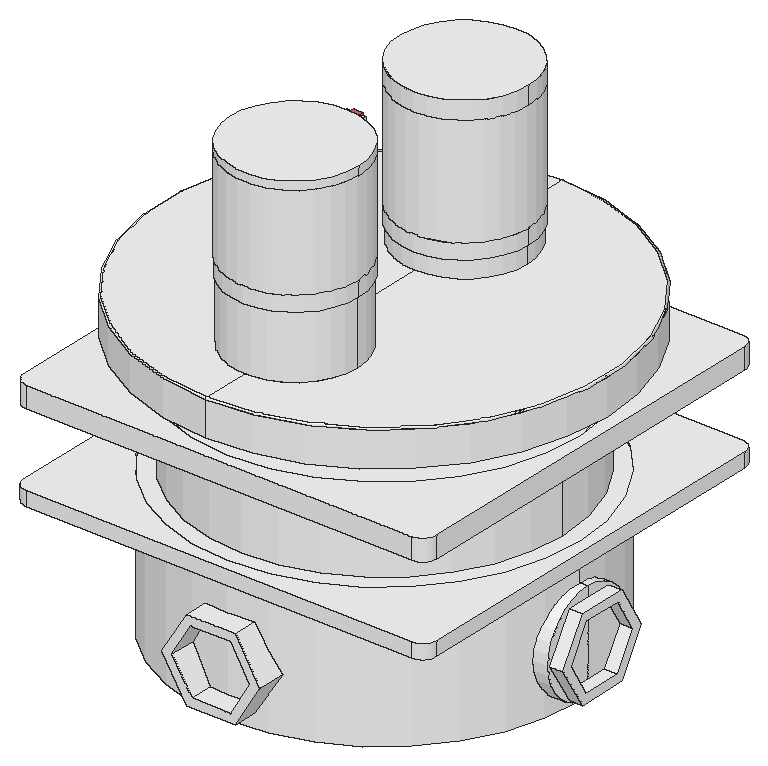
Revit family "Reece_Tap_Roca_T 1000_Shower Mixer_Thermostatic with Diverter", category Plumbing Fixtures, host Face, Revit 2018
Family settings
  Host = Face
  Round Connector Dimension = Use Diameter
  Part Type = Normal
  Cut with Voids When Loaded = No
  Shared = Yes
  Room Calculation Point = Yes
Parameters
  WFU = 0  # constant formula
  URL = "https://www.reece.com.au/product/-9508626"
  Type Comments = "Tap"
  Reece_Product_Web Page = "https://www.reece.com.au/product/-9508626"
  Reece_Product_Type = "Tap"  # constant formula
  Reece_Product_Sub Brand = "T-1000"  # constant formula
  Reece_Product_Number = "9508626"
  Reece_Product_Mount = "Wall Mounted"
  Reece_Product_Description = "Roca T-1000 Concealed Thermostatic Shower Mixer Tap with Diverter Chrome"
  Reece_Product_Brand = "Roca"  # constant formula
  Reece_Overall_Width = 160 mm  # constant formula
  Reece_Overall_Projection = 78 mm  # constant formula
  Reece_Overall_Length = 160 mm  # constant formula
  Reece_Mixer_Inlet = 19 mm  # constant formula
  Reece_Material_Tap_Hot = Render_Hot_Water_Cap
  Reece_Material_Tap_Cold = Reece_Metal_Hard Graphite
  Reece_Material-Main = Reece_Brass_Chrome
  Reece_Detail_Function = ""
  Reece_Detail_Disclaimer = "THIS FILE IS THE PROPERTY OF THE REECE GROUP. IT MAY NOT BE REPRODUCED, REVERSE-ENGINEERED OR MODIFIED. ANY REPUBLICATION, TRANSMISSION OR DISTRIBUTION FOR THE PURPOSE OF COMMERCIALLY EXPLOITING THE FILES IS PROHIBITED."  # constant formula
  Reece_Detail_Additional = "Thermostatic/Diverter Shower Mixer"  # constant formula
  Model = "T-1000"
  Manufacturer = "Roca"
  Keynote = "Product #9508626, Reece_Tap_Roca_T 1000_Shower Mixer_Thermostatic with Diverter -  "
  HWFU = 0  # constant formula
  Disclaimer = "THIS FILE IS THE PROPERTY OF THE REECE GROUP. IT MAY NOT BE REPRODUCED, REVERSE-ENGINEERED OR MODIFIED. ANY REPUBLICATION, TRANSMISSION OR DISTRIBUTION FOR THE PURPOSE OF COMMERCIALLY EXPLOITING THE FILES IS PROHIBITED."  # constant formula
  Description = "Roca T-1000 Concealed Thermostatic Shower Mixer Tap with Diverter Chrome"
  Default Elevation = 1000 mm
  CWFU = 0  # constant formula
Types (2, lengths in mm): name | Keynote
  (no name) | "Product #9508626, Reece_Tap_Roca_T 1000_Shower Mixer_Thermostatic with Diverter -  "
  Chrome | "Product #9508626, Reece_Tap_Roca_T 1000_Shower Mixer_Thermostatic with Diverter - Chrome"
Reference planes
  plane 1 "Center (Front/Back)": y = 0
  plane 2: z = 0
  plane 3 "Center (Left/Right)": x = 0
  plane 4: x = 80
  plane 5: x = -80
  plane 6: y = 80
  plane 7: y = -80
  plane 8: z = 78
  plane 9: z = -95
Forms (mm)
  Extrusion 1, void
    sketch origin (0, 0, 136.536) x (1, 0, 0) y (0, 1, 0)
      loop
        circle (0, 0) r 69
    from -146.501 to -136.536
  Extrusion 2, solid, material "Reece_Brass_Chrome" <- "Reece_Material-Main"
    sketch origin (0.236, 0, -23) x (1, 0, 0) y (0, 1, 0)
      loop
        circle (-0.236, 0) r 64
      loop
        circle (-0.236, 0) r 63
    from -20.896 to 5.5
  Extrusion 3, solid, material "Reece_Brass_Chrome" <- "Reece_Material-Main"
    sketch origin (0.236, 0, -31.5) x (1, 0, 0) y (0, 1, 0)
      loop
        circle (-0.236, 0) r 70
    from -63.5 to -13.5
  Extrusion 4, solid, material "Reece_Brass_Chrome" <- "Reece_Material-Main"
    sketch origin (0.236, 0, -23) x (1, 0, 0) y (0, 1, 0)
      loop
        arc (68.764, -74) -> (72.299, -72.536) -> (73.764, -69) r 5
        line (73.764, -69) -> (73.764, 69)
        arc (73.764, 69) -> (72.299, 72.536) -> (68.764, 74) r 5
        line (68.764, 74) -> (-69.236, 74)
        arc (-69.236, 74) -> (-72.772, 72.536) -> (-74.236, 69) r 5
        line (-74.236, 69) -> (-74.236, -69)
        arc (-74.236, -69) -> (-72.772, -72.536) -> (-69.236, -74) r 5
        line (-69.236, -74) -> (68.764, -74)
      loop
        circle (-0.236, 0) r 70
    from 5.5 to 13
  Extrusion 5, solid, material "Reece_Brass_Chrome" <- "Reece_Material-Main"
    sketch origin (0.236, 0, -50.5) x (1, 0, 0) y (0, 1, 0)
      loop
        arc (68.764, -74) -> (72.299, -72.536) -> (73.764, -69) r 5
        line (73.764, -69) -> (73.764, 69)
        arc (73.764, 69) -> (72.299, 72.536) -> (68.764, 74) r 5
        line (68.764, 74) -> (-69.236, 74)
        arc (-69.236, 74) -> (-72.772, 72.536) -> (-74.236, 69) r 5
        line (-74.236, 69) -> (-74.236, -69)
        arc (-74.236, -69) -> (-72.772, -72.536) -> (-69.236, -74) r 5
        line (-69.236, -74) -> (68.764, -74)
      loop
        circle (-0.236, 0) r 70
    from 1.633 to 6.604
  Revolve 6, solid, material "Reece_Brass_Chrome" <- "Reece_Material-Main"
    sketch origin (-50, 0, -48.945) x (-1, 0, 0) y (0, 0, -1)
      loop
        line (0, 26) -> (0, 8) -> (23.051, 8) -> (23.051, 26) -> (0, 26)
      axis (0, 26) -> (23.051, 26)
    angle from 0 to 360
  Extrusion 7, solid, material "Reece_Brass_Chrome" <- "Reece_Material-Main"
    sketch origin (-63, 0, -74.945) x (0, 1, 0) y (0, 0, -1)
      loop
        line (17.703, 0.19) -> (8.973, 14.813) -> (-8.559, 14.873) -> (-17.339, 0.233) -> (-8.613, -14.422) -> (8.934, -14.422) -> (17.703, 0.19)
      loop
        line (7.266, 11.819) -> (-6.863, 11.867) -> (-13.844, 0.227) -> (-6.907, -11.422) -> (7.236, -11.422) -> (14.206, 0.194) -> (7.266, 11.819)
    from -0.046 to 14.954
  Revolve 8, solid, material "Reece_Brass_Chrome" <- "Reece_Material-Main"
    sketch origin (0, -50, -48.945) x (0, -1, 0) y (0, 0, 1)
      loop
        line (-10, -26) -> (13.051, -26) -> (13.051, -8) -> (-10, -8) -> (-10, -26)
      axis (-10, -26) -> (13.051, -26)
    angle from 0 to 360
  Extrusion 9, solid, material "Reece_Brass_Chrome" <- "Reece_Material-Main"
    sketch origin (0, -63, -74.945) x (1, 0, 0) y (0, 0, 1)
      loop
        line (17.703, -0.19) -> (8.934, 14.422) -> (-8.613, 14.422) -> (-17.339, -0.233) -> (-8.559, -14.873) -> (8.973, -14.813) -> (17.703, -0.19)
      loop
        line (7.266, -11.819) -> (14.206, -0.194) -> (7.236, 11.422) -> (-6.907, 11.422) -> (-13.844, -0.227) -> (-6.863, -11.867) -> (7.266, -11.819)
    from -0.046 to 14.954
  Revolve 10, solid, material "Reece_Brass_Chrome" <- "Reece_Material-Main"
    sketch origin (0, 50, -48.945) x (0, 1, 0) y (0, 0, -1)
      loop
        line (-10, 26) -> (-10, 8) -> (13.051, 8) -> (13.051, 26) -> (-10, 26)
      axis (-10, 26) -> (13.051, 26)
    angle from 0 to 360
  Extrusion 11, solid, material "Reece_Brass_Chrome" <- "Reece_Material-Main"
    sketch origin (0, 63, -74.945) x (1, 0, 0) y (0, 0, -1)
      loop
        line (17.703, 0.19) -> (8.973, 14.813) -> (-8.559, 14.873) -> (-17.339, 0.233) -> (-8.613, -14.422) -> (8.934, -14.422) -> (17.703, 0.19)
      loop
        line (7.266, 11.819) -> (-6.863, 11.867) -> (-13.844, 0.227) -> (-6.907, -11.422) -> (7.236, -11.422) -> (14.206, 0.194) -> (7.266, 11.819)
    from -0.046 to 14.954
  Revolve 12, solid, material "Reece_Brass_Chrome" <- "Reece_Material-Main"
    sketch origin (50, 0, -48.945) x (1, 0, 0) y (0, 0, 1)
      loop
        line (0, -26) -> (23.051, -26) -> (23.051, -8) -> (0, -8) -> (0, -26)
      axis (0, -26) -> (23.051, -26)
    angle from 0 to 360
  Extrusion 13, solid, material "Reece_Brass_Chrome" <- "Reece_Material-Main"
    sketch origin (63, 0, -74.945) x (0, 1, 0) y (0, 0, 1)
      loop
        line (17.703, -0.19) -> (8.934, 14.422) -> (-8.613, 14.422) -> (-17.339, -0.233) -> (-8.559, -14.873) -> (8.973, -14.813) -> (17.703, -0.19)
      loop
        line (7.266, -11.819) -> (14.206, -0.194) -> (7.236, 11.422) -> (-6.907, 11.422) -> (-13.844, -0.227) -> (-6.863, -11.867) -> (7.266, -11.819)
    from -0.046 to 14.954
  Extrusion 14, solid, material "Reece_Brass_Chrome" <- "Reece_Material-Main"
    sketch origin (0, -0.314, 0) x (1, 0, 0) y (0, 1, 0)
      loop
        circle (0, 36.33) r 23
    from 19.222 to 24.763
  Extrusion 15, solid, material "Reece_Brass_Chrome" <- "Reece_Material-Main"
    sketch origin (0, -0.314, 35) x (1, 0, 0) y (0, 1, 0)
      loop
        line (3.393, 63.83) -> (-3.393, 63.83) -> (-3.393, 59.078)
        arc (-3.393, 59.078) -> (0, 13.33) -> (3.393, 59.078) r 23
        line (3.393, 59.078) -> (3.393, 63.83)
    from -10.237 to 29.152
  Revolve 16, solid, material "Reece_Brass_Chrome" <- "Reece_Material-Main"
    sketch origin (0, 0, 0) x (0, 1, 0) y (0, 0, 1)
      loop
        line (0, 0) -> (0, 13) -> (-79.491, 13)
        arc (-79.491, 13) -> (-79.851, 12.851) -> (-80, 12.491) r 0.509
        line (-80, 12.491) -> (-80, 0) -> (0, 0)
      axis (0, 13) -> (0, 0)
    angle from 0 to 360
  Extrusion 17, solid, material "Reece_Brass_Chrome" <- "Reece_Material-Main"
    sketch origin (0, -0.314, 0) x (1, 0, 0) y (0, 1, 0)
      loop
        circle (0, 36.33) r 22.5
    from 0 to 19.222
  Extrusion 18, solid, material "Reece_Brass_Chrome" <- "Reece_Material-Main"
    sketch origin (0, -76.314, 0) x (1, 0, 0) y (0, 1, 0)
      loop
        circle (0, 36.33) r 23
    from 35.851 to 41.394
  Extrusion 19, solid, material "Reece_Brass_Chrome" <- "Reece_Material-Main"
    sketch origin (0, -76.314, 35) x (1, 0, 0) y (0, 1, 0)
      loop
        line (3.393, 63.83) -> (-3.393, 63.83) -> (-3.393, 59.078)
        arc (-3.393, 59.078) -> (0, 13.33) -> (3.393, 59.078) r 23
        line (3.393, 59.078) -> (3.393, 63.83)
    from 6.394 to 40
  Extrusion 20, solid, material "Reece_Brass_Chrome" <- "Reece_Material-Main"
    sketch origin (0, -76.314, 0) x (1, 0, 0) y (0, 1, 0)
      loop
        circle (0, 36.33) r 22.5
    from 0 to 35.851
  Extrusion 21, solid, material "Render_Hot_Water_Cap" <- "Reece_Material_Tap_Hot"
    sketch origin (0, 0, 198.143) x (-1, 0, 0) y (0, -1, 0)
      loop
        line (1.751, 13.66) -> (-1.751, 13.66) -> (-1.751, 11.678) -> (1.751, 11.678) -> (1.751, 13.66)
    from -144.801 to -122.953
  Extrusion 22, solid, material "Reece_Brass_Chrome" <- "Reece_Material-Main"
    sketch origin (0, -0.314, 44.93) x (1, 0, 0) y (0, 1, 0)
      loop
        circle (0, 36.33) r 23
    from 19.222 to 25.643
  Extrusion 23, solid, material "Reece_Brass_Chrome" <- "Reece_Material-Main"
    sketch origin (0, -76.314, 39.149) x (1, 0, 0) y (0, 1, 0)
      loop
        circle (0, 36.33) r 23
    from 35.851 to 38.851
  Extrusion 24, solid, material "Reece_Metal_Hard Graphite" <- "Reece_Material_Tap_Cold"
    sketch origin (0, 76, 184.295) x (-1, 0, 0) y (0, -1, 0)
      loop
        line (1.751, 13.66) -> (-1.751, 13.66) -> (-1.751, 11.678) -> (1.751, 11.678) -> (1.751, 13.66)
    from -144.801 to -119.693
Cuts and joins
  joined: Extrusion 2, Extrusion 3, Extrusion 4, Extrusion 5, Revolve 6, Extrusion 7, Revolve 8, Extrusion 9, Revolve 10, Extrusion 11, Revolve 12, Extrusion 13
  joined: Extrusion 14, Extrusion 15, Revolve 16, Extrusion 17, Extrusion 18, Extrusion 19, Extrusion 20, Extrusion 22, Extrusion 23
Text (mm)
  text "Reece Copyright © 2018, Reece Ltd." at (-709.706, -411.325, 0), in view "Ref. Level"
  text "Reece ©" at (26.028, 191.606, 143.357), in view "Reece Preview"
Dimensions and locks
  "Reece_Overall_Projection": plane 8 to level
  "Reece_Overall_Width": plane 5 to plane 4
  equal spacing: plane 5, plane 3 "Center (Left/Right)", plane 4
  equal spacing: plane 6, plane 1 "Center (Front/Back)", plane 7
  level to plane 9 = 95 mm
  "Reece_Overall_Length": plane 6 to plane 7
  aligned and locked: plane 2 to host face
  aligned and locked: level to host face
Automatic sketch dimensions
  host sketch curve to host sketch curve = 400 mm  (x2)
  plane 1 "Center (Front/Back)" to Extrusion 1 sketch curve = 0 mm
  Extrusion 1 sketch curve to plane 3 "Center (Left/Right)" = 0 mm
  Extrusion 2 sketch curve to Extrusion 2 sketch curve = 0 mm  (x12)
  plane 1 "Center (Front/Back)" to Extrusion 2 sketch curve = 0 mm
  Extrusion 2 sketch curve to plane 3 "Center (Left/Right)" = 0 mm
  plane 5 to Extrusion 2 sketch curve = 17 mm
  Extrusion 2 sketch curve to Extrusion 2 sketch curve = 1 mm
  plane 1 "Center (Front/Back)" to Extrusion 3 sketch curve = 0 mm
  Extrusion 3 sketch curve to plane 3 "Center (Left/Right)" = 0 mm
  plane 1 "Center (Front/Back)" to Extrusion 4 sketch curve = 0 mm
  Extrusion 4 sketch curve to plane 3 "Center (Left/Right)" = 0 mm
  plane 5 to Extrusion 4 sketch curve = 11 mm  (x2)
  plane 7 to Extrusion 4 sketch curve = 6 mm
  Extrusion 4 sketch curve to Extrusion 4 sketch curve = 5 mm  (x2)
  plane 4 to Extrusion 4 sketch curve = 11 mm  (x2)
  plane 6 to Extrusion 4 sketch curve = 11 mm
  plane 1 "Center (Front/Back)" to Extrusion 5 sketch curve = 0 mm
  Extrusion 5 sketch curve to plane 3 "Center (Left/Right)" = 0 mm
  plane 5 to Extrusion 5 sketch curve = 11 mm  (x2)
  plane 7 to Extrusion 5 sketch curve = 6 mm
  Extrusion 5 sketch curve to Extrusion 5 sketch curve = 5 mm  (x2)
  plane 4 to Extrusion 5 sketch curve = 11 mm  (x2)
  plane 6 to Extrusion 5 sketch curve = 11 mm
  plane 5 to Revolve 6 sketch curve = 30 mm
  plane 5 to Revolve 6 sketch curve = 6.949 mm
  plane 9 to Revolve 6 sketch curve = 38.055 mm
  Revolve 6 sketch curve to Revolve 6 sketch curve = 18 mm
  Revolve 6 sketch curve to Revolve 6 sketch curve = 0 mm  (x2)
  Revolve 6 sketch curve to Revolve 6 sketch curve = 2.861 mm
  plane 1 "Center (Front/Back)" to Extrusion 7 sketch curve = 17.339 mm
  Extrusion 7 sketch curve to Extrusion 7 sketch curve = 3.495 mm
  plane 1 "Center (Front/Back)" to Extrusion 7 sketch curve = 8.613 mm
  plane 1 "Center (Front/Back)" to Extrusion 7 sketch curve = 8.559 mm
  Extrusion 7 sketch curve to Extrusion 7 sketch curve = 1.705 mm
  Extrusion 7 sketch curve to Extrusion 7 sketch curve = 1.695 mm
  Extrusion 7 sketch curve to plane 1 "Center (Front/Back)" = 7.236 mm
  Extrusion 7 sketch curve to plane 1 "Center (Front/Back)" = 7.266 mm
  Extrusion 7 sketch curve to Extrusion 7 sketch curve = 1.698 mm
  Extrusion 7 sketch curve to Extrusion 7 sketch curve = 1.706 mm
  Extrusion 7 sketch curve to Extrusion 7 sketch curve = 6.94 mm
  Extrusion 7 sketch curve to Extrusion 7 sketch curve = 3.496 mm
  plane 9 to Extrusion 7 sketch curve = 34.477 mm
  Extrusion 7 sketch curve to Extrusion 7 sketch curve = 3 mm
  Extrusion 7 sketch curve to Extrusion 7 sketch curve = 11.612 mm
  Extrusion 7 sketch curve to Extrusion 7 sketch curve = 0.004 mm
  Extrusion 7 sketch curve to Extrusion 7 sketch curve = 11.649 mm
  Extrusion 7 sketch curve to Extrusion 7 sketch curve = 0.006 mm
  plane 9 to Extrusion 7 sketch curve = 8.236 mm
  plane 9 to Extrusion 7 sketch curve = 8.188 mm
  Extrusion 7 sketch curve to Extrusion 7 sketch curve = 2.994 mm
  Extrusion 7 sketch curve to Extrusion 7 sketch curve = 3.006 mm
  plane 1 "Center (Front/Back)" to Revolve 8 sketch curve = 40 mm
  plane 7 to Revolve 8 sketch curve = 16.949 mm
  plane 9 to Revolve 8 sketch curve = 20.055 mm
  Revolve 8 sketch curve to Revolve 8 sketch curve = 18 mm
  Revolve 8 sketch curve to Revolve 8 sketch curve = 0 mm  (x2)
  Revolve 8 sketch curve to Revolve 8 sketch curve = 2.861 mm
  Extrusion 9 sketch curve to plane 3 "Center (Left/Right)" = 17.339 mm
  Extrusion 9 sketch curve to Extrusion 9 sketch curve = 3.495 mm
  Extrusion 9 sketch curve to plane 3 "Center (Left/Right)" = 8.613 mm
  Extrusion 9 sketch curve to plane 3 "Center (Left/Right)" = 8.559 mm
  Extrusion 9 sketch curve to Extrusion 9 sketch curve = 1.705 mm
  Extrusion 9 sketch curve to Extrusion 9 sketch curve = 1.695 mm
  plane 3 "Center (Left/Right)" to Extrusion 9 sketch curve = 7.236 mm
  plane 3 "Center (Left/Right)" to Extrusion 9 sketch curve = 7.266 mm
  Extrusion 9 sketch curve to Extrusion 9 sketch curve = 1.698 mm
  Extrusion 9 sketch curve to Extrusion 9 sketch curve = 1.706 mm
  Extrusion 9 sketch curve to Extrusion 9 sketch curve = 6.94 mm
  Extrusion 9 sketch curve to Extrusion 9 sketch curve = 3.496 mm
  plane 9 to Extrusion 9 sketch curve = 5.182 mm
  plane 9 to Extrusion 9 sketch curve = 5.242 mm
  Extrusion 9 sketch curve to Extrusion 9 sketch curve = 3.006 mm
  Extrusion 9 sketch curve to Extrusion 9 sketch curve = 2.994 mm
  Extrusion 9 sketch curve to Extrusion 9 sketch curve = 11.635 mm
  Extrusion 9 sketch curve to Extrusion 9 sketch curve = 0.006 mm
  Extrusion 9 sketch curve to Extrusion 9 sketch curve = 11.625 mm
  Extrusion 9 sketch curve to Extrusion 9 sketch curve = 0.004 mm
  Extrusion 9 sketch curve to Extrusion 9 sketch curve = 11.616 mm
  Extrusion 9 sketch curve to Extrusion 9 sketch curve = 3 mm
  Revolve 10 sketch curve to plane 1 "Center (Front/Back)" = 40 mm
  plane 6 to Revolve 10 sketch curve = 16.949 mm
  plane 9 to Revolve 10 sketch curve = 38.055 mm
  Revolve 10 sketch curve to Revolve 10 sketch curve = 18 mm
  Revolve 10 sketch curve to Revolve 10 sketch curve = 0 mm  (x2)
  Revolve 10 sketch curve to Revolve 10 sketch curve = 2.861 mm
  Extrusion 11 sketch curve to plane 3 "Center (Left/Right)" = 17.339 mm
  Extrusion 11 sketch curve to Extrusion 11 sketch curve = 3.495 mm
  Extrusion 11 sketch curve to plane 3 "Center (Left/Right)" = 8.613 mm
  Extrusion 11 sketch curve to plane 3 "Center (Left/Right)" = 8.559 mm
  Extrusion 11 sketch curve to Extrusion 11 sketch curve = 1.705 mm
  Extrusion 11 sketch curve to Extrusion 11 sketch curve = 1.695 mm
  plane 3 "Center (Left/Right)" to Extrusion 11 sketch curve = 7.236 mm
  plane 3 "Center (Left/Right)" to Extrusion 11 sketch curve = 7.266 mm
  Extrusion 11 sketch curve to Extrusion 11 sketch curve = 1.698 mm
  Extrusion 11 sketch curve to Extrusion 11 sketch curve = 1.706 mm
  Extrusion 11 sketch curve to Extrusion 11 sketch curve = 6.94 mm
  Extrusion 11 sketch curve to Extrusion 11 sketch curve = 3.496 mm
  plane 9 to Extrusion 11 sketch curve = 34.477 mm
  Extrusion 11 sketch curve to Extrusion 11 sketch curve = 3 mm
  Extrusion 11 sketch curve to Extrusion 11 sketch curve = 11.612 mm
  Extrusion 11 sketch curve to Extrusion 11 sketch curve = 0.004 mm
  Extrusion 11 sketch curve to Extrusion 11 sketch curve = 11.649 mm
  Extrusion 11 sketch curve to Extrusion 11 sketch curve = 0.006 mm
  plane 9 to Extrusion 11 sketch curve = 8.236 mm
  plane 9 to Extrusion 11 sketch curve = 8.188 mm
  Extrusion 11 sketch curve to Extrusion 11 sketch curve = 2.994 mm
  Extrusion 11 sketch curve to Extrusion 11 sketch curve = 3.006 mm
  plane 4 to Revolve 12 sketch curve = 30 mm
  plane 4 to Revolve 12 sketch curve = 6.949 mm
  plane 9 to Revolve 12 sketch curve = 20.055 mm
  Revolve 12 sketch curve to Revolve 12 sketch curve = 18 mm
  Revolve 12 sketch curve to Revolve 12 sketch curve = 0 mm  (x2)
  Revolve 12 sketch curve to Revolve 12 sketch curve = 2.861 mm
  plane 1 "Center (Front/Back)" to Extrusion 13 sketch curve = 17.339 mm
  Extrusion 13 sketch curve to Extrusion 13 sketch curve = 3.495 mm
  plane 1 "Center (Front/Back)" to Extrusion 13 sketch curve = 8.613 mm
  plane 1 "Center (Front/Back)" to Extrusion 13 sketch curve = 8.559 mm
  Extrusion 13 sketch curve to Extrusion 13 sketch curve = 1.705 mm
  Extrusion 13 sketch curve to Extrusion 13 sketch curve = 1.695 mm
  Extrusion 13 sketch curve to plane 1 "Center (Front/Back)" = 7.236 mm
  Extrusion 13 sketch curve to plane 1 "Center (Front/Back)" = 7.266 mm
  Extrusion 13 sketch curve to Extrusion 13 sketch curve = 1.698 mm
  Extrusion 13 sketch curve to Extrusion 13 sketch curve = 1.706 mm
  Extrusion 13 sketch curve to Extrusion 13 sketch curve = 6.94 mm
  Extrusion 13 sketch curve to Extrusion 13 sketch curve = 3.496 mm
  plane 9 to Extrusion 13 sketch curve = 5.182 mm
  plane 9 to Extrusion 13 sketch curve = 5.242 mm
  Extrusion 13 sketch curve to Extrusion 13 sketch curve = 3.006 mm
  Extrusion 13 sketch curve to Extrusion 13 sketch curve = 2.994 mm
  Extrusion 13 sketch curve to Extrusion 13 sketch curve = 11.635 mm
  Extrusion 13 sketch curve to Extrusion 13 sketch curve = 0.006 mm
  Extrusion 13 sketch curve to Extrusion 13 sketch curve = 11.625 mm
  Extrusion 13 sketch curve to Extrusion 13 sketch curve = 0.004 mm
  Extrusion 13 sketch curve to Extrusion 13 sketch curve = 11.616 mm
  Extrusion 13 sketch curve to Extrusion 13 sketch curve = 3 mm
  Extrusion 14 sketch curve to plane 3 "Center (Left/Right)" = 0 mm
  Extrusion 14 sketch curve to plane 1 "Center (Front/Back)" = 36.016 mm
  Revolve 16 sketch curve to level = 0 mm
  Revolve 16 sketch curve to plane 7 = 0 mm
  Revolve 16 sketch curve to plane 1 "Center (Front/Back)" = 0 mm  (x2)
  plane 7 to Revolve 16 sketch curve = 0.509 mm
  level to Revolve 16 sketch curve = 12.491 mm
  Revolve 16 sketch curve to level = 8.297 mm
  Revolve 16 sketch curve to Revolve 16 sketch curve = 8.703 mm
  Extrusion 17 sketch curve to plane 3 "Center (Left/Right)" = 0 mm
  Extrusion 17 sketch curve to plane 1 "Center (Front/Back)" = 36.016 mm
  Extrusion 18 sketch curve to plane 3 "Center (Left/Right)" = 0 mm
  plane 1 "Center (Front/Back)" to Extrusion 18 sketch curve = 39.984 mm
  Extrusion 20 sketch curve to plane 3 "Center (Left/Right)" = 0 mm
  plane 1 "Center (Front/Back)" to Extrusion 20 sketch curve = 39.984 mm
  plane 3 "Center (Left/Right)" to Extrusion 21 sketch curve = 1.751 mm
  Extrusion 21 sketch curve to plane 3 "Center (Left/Right)" = 1.751 mm
  plane 1 "Center (Front/Back)" to Extrusion 21 sketch curve = 11.678 mm
  Extrusion 21 sketch curve to Extrusion 21 sketch curve = 1.981 mm
  Extrusion 22 sketch curve to plane 3 "Center (Left/Right)" = 0 mm
  Extrusion 22 sketch curve to plane 1 "Center (Front/Back)" = 36.016 mm
  Extrusion 23 sketch curve to plane 3 "Center (Left/Right)" = 0 mm
  plane 1 "Center (Front/Back)" to Extrusion 23 sketch curve = 39.984 mm
  plane 3 "Center (Left/Right)" to Extrusion 24 sketch curve = 1.751 mm
  Extrusion 24 sketch curve to plane 3 "Center (Left/Right)" = 1.751 mm
  plane 6 to Extrusion 24 sketch curve = 15.678 mm
  Extrusion 24 sketch curve to Extrusion 24 sketch curve = 1.981 mm
  Extrusion 15 sketch curve to plane 3 "Center (Left/Right)" = 0 mm
  Extrusion 15 sketch curve to plane 3 "Center (Left/Right)" = 3.393 mm
  plane 3 "Center (Left/Right)" to Extrusion 15 sketch curve = 3.393 mm
  Extrusion 15 sketch curve to plane 1 "Center (Front/Back)" = 36.016 mm
  plane 6 to Extrusion 15 sketch curve = 16.484 mm
  Extrusion 15 sketch curve to Extrusion 15 sketch curve = 4.752 mm
  Extrusion 19 sketch curve to plane 3 "Center (Left/Right)" = 0 mm
  Extrusion 19 sketch curve to plane 3 "Center (Left/Right)" = 3.393 mm
  plane 3 "Center (Left/Right)" to Extrusion 19 sketch curve = 3.393 mm
  plane 1 "Center (Front/Back)" to Extrusion 19 sketch curve = 39.984 mm
  plane 1 "Center (Front/Back)" to Extrusion 19 sketch curve = 12.484 mm
  Extrusion 19 sketch curve to Extrusion 19 sketch curve = 4.752 mm
  radius of Extrusion 1 sketch curve = 69 mm
  radius of Extrusion 3 sketch curve = 70 mm
  radius of Extrusion 4 sketch curve = 70 mm
  radius of Extrusion 5 sketch curve = 70 mm
  radius of Extrusion 14 sketch curve = 23 mm
  radius of Extrusion 17 sketch curve = 22.5 mm
  radius of Extrusion 18 sketch curve = 23 mm
  radius of Extrusion 20 sketch curve = 22.5 mm
  radius of Extrusion 22 sketch curve = 23 mm
  radius of Extrusion 23 sketch curve = 23 mm
Connectors
  piping at (0.182, 77.954, -75.156), diameter 19, driven by "Reece_Mixer_Inlet"
    settings: on cut or joined group 1 (Extrusion 2, Extrusion 3, Extrusion 4, Extrusion 5, Revolve 6, Extrusion 7, Revolve 8, Extrusion 9, Revolve 10, Extrusion 11, Revolve 12, Extrusion 13), index 1, connector inside diameter 609.6 mm, connector length 0 mm, flow factor 0, pipe flow 0.0 L/s, pressure drop 0.0 Pa, fitting loss kfactor 0, connector angle 0.00°, fixture units 0, engagement length 0 mm, angle of deflection 0.00°, flow configuration 0, flow direction 2, fitting loss method 0, system type 29, joint type 0, gender type 0, connector reference index -1, connector utility 0, adjustable connector no, is connector primary yes, connector description ""
  piping at (77.954, 0.182, -75.156), diameter 19, driven by "Reece_Mixer_Inlet"
    settings: on cut or joined group 1, index 2, connector inside diameter 609.6 mm, connector length 0 mm, flow factor 0, pipe flow 0.0 L/s, pressure drop 0.0 Pa, fitting loss kfactor 0, connector angle 0.00°, fixture units 0, engagement length 0 mm, angle of deflection 0.00°, flow configuration 0, flow direction 1, fitting loss method 0, system type 29, joint type 0, gender type 0, connector reference index -1, connector utility 0, adjustable connector no, is connector primary no, connector description ""
  piping at (0.182, -77.954, -75.156), diameter 19, driven by "Reece_Mixer_Inlet"
    settings: on cut or joined group 1, index 3, connector inside diameter 609.6 mm, connector length 0 mm, flow factor 0, pipe flow 0.0 L/s, pressure drop 0.0 Pa, fitting loss kfactor 0, connector angle 0.00°, fixture units 0, engagement length 0 mm, angle of deflection 0.00°, flow configuration 0, flow direction 2, fitting loss method 0, system type 29, joint type 0, gender type 0, connector reference index -1, connector utility 0, adjustable connector no, is connector primary no, connector description ""
  piping at (-77.954, 0.182, -75.156), diameter 19, driven by "Reece_Mixer_Inlet"
    settings: on cut or joined group 1, index 4, connector inside diameter 609.6 mm, connector length 0 mm, flow factor 0, pipe flow 0.0 L/s, pressure drop 0.0 Pa, fitting loss kfactor 0, connector angle 0.00°, fixture units 0, engagement length 0 mm, angle of deflection 0.00°, flow configuration 0, flow direction 1, fitting loss method 0, system type 29, joint type 0, gender type 0, connector reference index -1, connector utility 0, adjustable connector no, is connector primary no, connector description ""
